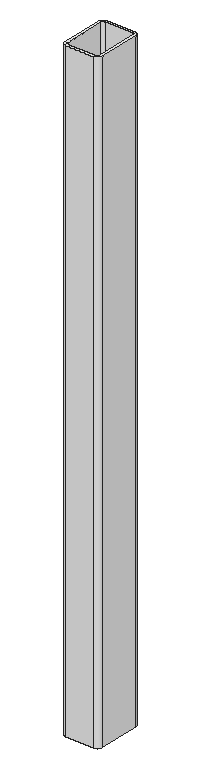
Revit family "M_HSS Retangular-Coluna", category Pilares estruturais, Revit 2019 (continued)
Types in the file's own list only (275): name | Largura | Espessura nominal da parede | Espessura da parede do projeto | Momento de inércia de torção | Módulo de torção | Chave do nome do corte | Área de corte | Eixo fraco do módulo plástico | Eixo forte do módulo plástico | Concordância externa | Peso nominal | Eixo fraco do momento de inércia | Eixo forte do momento de inércia | Concordância interna | Altura | Eixo fraco do módulo de elasticidade | Eixo forte do módulo de elasticidade | Centróide vertical | Centróide horizontal
  HSS203.2X152.4X12.7 | 152.00 mm | 12.70 mm | 11.80 mm | 52900000.00 mm4 | 10307463256.0 mm³ | HSS 8X6X1/2 | 7480.0 mm² | 408000.0 mm³ | 500000.0 mm³ | 25.40 mm | 62.40 kgf/m | 26000000.00 mm4 | 40900000.00 mm4 | 12.70 mm | 203.00 mm | 341000.0 mm³ | 403000.0 mm³ | 101.50 mm | 76.00 mm
  HSS203.2X152.4X7.9 | 152.00 mm | 7.94 mm | 7.39 mm | 35700000.00 mm4 | 6849792752.0 mm³ | HSS 8X6X5/16 | 4900.0 mm² | 277000.0 mm³ | 338000.0 mm³ | 15.88 mm | 41.00 kgf/m | 18200000.00 mm4 | 28400000.00 mm4 | 7.94 mm | 203.00 mm | 239000.0 mm³ | 280000.0 mm³ | 101.50 mm | 76.00 mm
  HSS203.2X152.4X6.4 | 152.00 mm | 6.35 mm | 5.92 mm | 29300000.00 mm4 | 5587988824.0 mm³ | HSS 8X6X1/4 | 3980.0 mm² | 228000.0 mm³ | 277000.0 mm³ | 12.70 mm | 33.30 kgf/m | 15200000.00 mm4 | 23600000.00 mm4 | 6.35 mm | 203.00 mm | 198000.0 mm³ | 233000.0 mm³ | 101.50 mm | 76.00 mm
  HSS203.2X152.4X4.8 | 152.00 mm | 4.76 mm | 4.42 mm | 22400000.00 mm4 | 4244249576.0 mm³ | HSS 8X6X3/16 | 3010.0 mm² | 175000.0 mm³ | 213000.0 mm³ | 9.52 mm | 25.40 kgf/m | 11700000.00 mm4 | 18200000.00 mm4 | 4.76 mm | 203.00 mm | 154000.0 mm³ | 179000.0 mm³ | 101.50 mm | 76.00 mm
  HSS203.2X101.6X15.9 | 102.00 mm | 15.90 mm | 14.80 mm | 29300000.00 mm4 | 7701920080.0 mm³ | HSS 8X4X5/8 | 7550.0 mm² | 272000.0 mm³ | 449000.0 mm³ | 31.80 mm | 62.60 kgf/m | 11100000.00 mm4 | 34100000.00 mm4 | 15.90 mm | 203.00 mm | 218000.0 mm³ | 336000.0 mm³ | 101.50 mm | 51.00 mm
  HSS203.2X101.6X12.7 | 102.00 mm | 12.70 mm | 11.80 mm | 25400000.00 mm4 | 6554825600.0 mm³ | HSS 8X4X1/2 | 6280.0 mm² | 234000.0 mm³ | 385000.0 mm³ | 25.40 mm | 52.20 kgf/m | 9820000.00 mm4 | 29900000.00 mm4 | 12.70 mm | 203.00 mm | 193000.0 mm³ | 293000.0 mm³ | 101.50 mm | 51.00 mm
  HSS203.2X101.6X9.5 | 102.00 mm | 9.53 mm | 8.86 mm | 20500000.00 mm4 | 5178312224.0 mm³ | HSS 8X4X3/8 | 4890.0 mm² | 188000.0 mm³ | 308000.0 mm³ | 19.06 mm | 40.80 kgf/m | 8160000.00 mm4 | 24400000.00 mm4 | 9.53 mm | 203.00 mm | 161000.0 mm³ | 241000.0 mm³ | 101.50 mm | 51.00 mm
  HSS203.2X101.6X7.9 | 102.00 mm | 7.94 mm | 7.39 mm | 17700000.00 mm4 | 4424507280.0 mm³ | HSS 8X4X5/16 | 4150.0 mm² | 162000.0 mm³ | 264000.0 mm³ | 15.88 mm | 34.70 kgf/m | 7160000.00 mm4 | 21200000.00 mm4 | 7.94 mm | 203.00 mm | 141000.0 mm³ | 210000.0 mm³ | 101.50 mm | 51.00 mm
  HSS203.2X101.6X6.4 | 102.00 mm | 6.35 mm | 5.92 mm | 14700000.00 mm4 | 3654315272.0 mm³ | HSS 8X4X1/4 | 3380.0 mm² | 134000.0 mm³ | 218000.0 mm³ | 12.70 mm | 28.30 kgf/m | 5990000.00 mm4 | 17700000.00 mm4 | 6.35 mm | 203.00 mm | 118000.0 mm³ | 174000.0 mm³ | 101.50 mm | 51.00 mm
  HSS203.2X101.6X4.8 | 102.00 mm | 4.76 mm | 4.42 mm | 11300000.00 mm4 | 2785800880.0 mm³ | HSS 8X4X3/16 | 2570.0 mm² | 104000.0 mm³ | 167000.0 mm³ | 9.52 mm | 21.60 kgf/m | 4700000.00 mm4 | 13800000.00 mm4 | 4.76 mm | 203.00 mm | 92600.0 mm³ | 136000.0 mm³ | 101.50 mm | 51.00 mm
  HSS203.2X101.6X3.2 | 102.00 mm | 3.18 mm | 2.95 mm | 7780000.00 mm4 | 1900899424.0 mm³ | HSS 8X4X1/8 | 1740.0 mm² | 71400.0 mm³ | 115000.0 mm³ | 6.36 mm | 14.70 kgf/m | 3290000.00 mm4 | 9530000.00 mm4 | 3.18 mm | 203.00 mm | 64700.0 mm³ | 93900.0 mm³ | 101.50 mm | 51.00 mm
  HSS203.2X76.2X12.7 | 76.20 mm | 12.70 mm | 11.80 mm | 14300000.00 mm4 | 4670313240.0 mm³ | HSS 8X3X1/2 | 5680.0 mm² | 158000.0 mm³ | 328000.0 mm³ | 25.40 mm | 47.20 kgf/m | 4870000.00 mm4 | 24400000.00 mm4 | 12.70 mm | 203.00 mm | 128000.0 mm³ | 239000.0 mm³ | 101.50 mm | 38.10 mm
  HSS203.2X76.2X9.5 | 76.20 mm | 9.53 mm | 8.86 mm | 11900000.00 mm4 | 3752637656.0 mm³ | HSS 8X3X3/8 | 4440.0 mm² | 129000.0 mm³ | 264000.0 mm³ | 19.06 mm | 37.00 kgf/m | 4160000.00 mm4 | 20200000.00 mm4 | 9.53 mm | 203.00 mm | 109000.0 mm³ | 198000.0 mm³ | 101.50 mm | 38.10 mm
  HSS203.2X76.2X7.9 | 76.20 mm | 7.94 mm | 7.39 mm | 10400000.00 mm4 | 3244638672.0 mm³ | HSS 8X3X5/16 | 3770.0 mm² | 112000.0 mm³ | 228000.0 mm³ | 15.88 mm | 31.50 kgf/m | 3670000.00 mm4 | 17600000.00 mm4 | 7.94 mm | 203.00 mm | 96200.0 mm³ | 174000.0 mm³ | 101.50 mm | 38.10 mm
  HSS203.2X76.2X6.4 | 76.20 mm | 6.35 mm | 5.92 mm | 8660000.00 mm4 | 2687478496.0 mm³ | HSS 8X3X1/4 | 3080.0 mm² | 93400.0 mm³ | 188000.0 mm³ | 12.70 mm | 25.70 kgf/m | 3120000.00 mm4 | 14800000.00 mm4 | 6.35 mm | 203.00 mm | 81800.0 mm³ | 146000.0 mm³ | 101.50 mm | 38.10 mm
  HSS203.2X76.2X4.8 | 76.20 mm | 4.76 mm | 4.42 mm | 6740000.00 mm4 | 2064770064.0 mm³ | HSS 8X3X3/16 | 2340.0 mm² | 72600.0 mm³ | 145000.0 mm³ | 9.52 mm | 19.70 kgf/m | 2470000.00 mm4 | 11600000.00 mm4 | 4.76 mm | 203.00 mm | 64900.0 mm³ | 114000.0 mm³ | 101.50 mm | 38.10 mm
  HSS203.2X76.2X3.2 | 76.20 mm | 3.18 mm | 2.95 mm | 4700000.00 mm4 | 1415842329.6 mm³ | HSS 8X3X1/8 | 1590.0 mm² | 50300.0 mm³ | 100000.0 mm³ | 6.36 mm | 13.40 kgf/m | 1750000.00 mm4 | 8030000.00 mm4 | 3.18 mm | 203.00 mm | 45900.0 mm³ | 79100.0 mm³ | 101.50 mm | 38.10 mm
  HSS203.2X50.8X9.5 | 50.80 mm | 9.53 mm | 8.86 mm | 5040000.00 mm4 | 2326963088.0 mm³ | HSS 8X2X3/8 | 3990.0 mm² | 75500.0 mm³ | 220000.0 mm³ | 19.06 mm | 33.20 kgf/m | 1550000.00 mm4 | 15900000.00 mm4 | 9.53 mm | 203.00 mm | 61100.0 mm³ | 157000.0 mm³ | 101.50 mm | 25.40 mm
  HSS203.2X50.8X7.9 | 50.80 mm | 7.94 mm | 7.39 mm | 4540000.00 mm4 | 2031995936.0 mm³ | HSS 8X2X5/16 | 3390.0 mm² | 66500.0 mm³ | 190000.0 mm³ | 15.88 mm | 28.40 kgf/m | 1410000.00 mm4 | 14000000.00 mm4 | 7.94 mm | 203.00 mm | 55400.0 mm³ | 138000.0 mm³ | 101.50 mm | 25.40 mm
  HSS203.2X50.8X6.4 | 50.80 mm | 6.35 mm | 5.92 mm | 3900000.00 mm4 | 1704254656.0 mm³ | HSS 8X2X1/4 | 2770.0 mm² | 56200.0 mm³ | 159000.0 mm³ | 12.70 mm | 23.20 kgf/m | 1220000.00 mm4 | 11900000.00 mm4 | 6.35 mm | 203.00 mm | 48200.0 mm³ | 117000.0 mm³ | 101.50 mm | 25.40 mm
  HSS203.2X50.8X4.8 | 50.80 mm | 4.76 mm | 4.42 mm | 3110000.00 mm4 | 1328990890.4 mm³ | HSS 8X2X3/16 | 2120.0 mm² | 44200.0 mm³ | 123000.0 mm³ | 9.52 mm | 17.80 kgf/m | 995000.00 mm4 | 9320000.00 mm4 | 4.76 mm | 203.00 mm | 39200.0 mm³ | 91900.0 mm³ | 101.50 mm | 25.40 mm
  HSS203.2X50.8X3.2 | 50.80 mm | 3.18 mm | 2.95 mm | 2210000.00 mm4 | 924230409.6 mm³ | HSS 8X2X1/8 | 1440.0 mm² | 31100.0 mm³ | 85000.0 mm³ | 6.36 mm | 12.10 kgf/m | 716000.00 mm4 | 6530000.00 mm4 | 3.18 mm | 203.00 mm | 28200.0 mm³ | 64400.0 mm³ | 101.50 mm | 25.40 mm
  HSS177.8X127X12.7 | 127.00 mm | 12.70 mm | 11.80 mm | 31600000.00 mm4 | 7308630544.0 mm³ | HSS 7X5X1/2 | 6280.0 mm² | 283000.0 mm³ | 359000.0 mm³ | 25.40 mm | 52.20 kgf/m | 14800000.00 mm4 | 25200000.00 mm4 | 12.70 mm | 178.00 mm | 233000.0 mm³ | 283000.0 mm³ | 89.00 mm | 63.50 mm
  HSS177.8X127X9.5 | 127.00 mm | 9.53 mm | 8.86 mm | 25200000.00 mm4 | 5751859464.0 mm³ | HSS 7X5X3/8 | 4890.0 mm² | 226000.0 mm³ | 287000.0 mm³ | 19.06 mm | 40.80 kgf/m | 12200000.00 mm4 | 20600000.00 mm4 | 9.53 mm | 178.00 mm | 192000.0 mm³ | 231000.0 mm³ | 89.00 mm | 63.50 mm
  HSS177.8X127X7.9 | 127.00 mm | 7.94 mm | 7.39 mm | 21700000.00 mm4 | 4916119200.0 mm³ | HSS 7X5X5/16 | 4150.0 mm² | 195000.0 mm³ | 246000.0 mm³ | 15.88 mm | 34.70 kgf/m | 10600000.00 mm4 | 17900000.00 mm4 | 7.94 mm | 178.00 mm | 167000.0 mm³ | 202000.0 mm³ | 89.00 mm | 63.50 mm
  HSS177.8X127X6.4 | 127.00 mm | 6.35 mm | 5.92 mm | 17900000.00 mm4 | 4031217744.0 mm³ | HSS 7X5X1/4 | 3380.0 mm² | 161000.0 mm³ | 203000.0 mm³ | 12.70 mm | 28.30 kgf/m | 8870000.00 mm4 | 14900000.00 mm4 | 6.35 mm | 178.00 mm | 140000.0 mm³ | 167000.0 mm³ | 89.00 mm | 63.50 mm
  HSS177.8X127X4.8 | 127.00 mm | 4.76 mm | 4.42 mm | 13700000.00 mm4 | 3064380968.0 mm³ | HSS 7X5X3/16 | 2570.0 mm² | 124000.0 mm³ | 156000.0 mm³ | 9.52 mm | 21.60 kgf/m | 6910000.00 mm4 | 11600000.00 mm4 | 4.76 mm | 178.00 mm | 109000.0 mm³ | 130000.0 mm³ | 89.00 mm | 63.50 mm
  HSS177.8X127X3.2 | 127.00 mm | 3.18 mm | 2.95 mm | 9370000.00 mm4 | 2097544192.0 mm³ | HSS 7X5X1/8 | 1740.0 mm² | 85200.0 mm³ | 107000.0 mm³ | 6.36 mm | 14.70 kgf/m | 4830000.00 mm4 | 8030000.00 mm4 | 3.18 mm | 178.00 mm | 75900.0 mm³ | 90500.0 mm³ | 89.00 mm | 63.50 mm
  HSS177.8X101.6X12.7 | 102.00 mm | 12.70 mm | 11.80 mm | 21000000.00 mm4 | 5669924144.0 mm³ | HSS 7X4X1/2 | 5680.0 mm² | 206000.0 mm³ | 308000.0 mm³ | 25.40 mm | 47.20 kgf/m | 8620000.00 mm4 | 21100000.00 mm4 | 12.70 mm | 178.00 mm | 170000.0 mm³ | 238000.0 mm³ | 89.00 mm | 51.00 mm
  HSS177.8X101.6X9.5 | 102.00 mm | 9.53 mm | 8.86 mm | 17100000.00 mm4 | 4506442600.0 mm³ | HSS 7X4X3/8 | 4440.0 mm² | 167000.0 mm³ | 247000.0 mm³ | 19.06 mm | 37.00 kgf/m | 7200000.00 mm4 | 17400000.00 mm4 | 9.53 mm | 178.00 mm | 141000.0 mm³ | 195000.0 mm³ | 89.00 mm | 51.00 mm
  HSS177.8X101.6X7.9 | 102.00 mm | 7.94 mm | 7.39 mm | 14700000.00 mm4 | 3867347104.0 mm³ | HSS 7X4X5/16 | 3770.0 mm² | 145000.0 mm³ | 215000.0 mm³ | 15.88 mm | 31.50 kgf/m | 6330000.00 mm4 | 15200000.00 mm4 | 7.94 mm | 178.00 mm | 124000.0 mm³ | 170000.0 mm³ | 89.00 mm | 51.00 mm
  HSS177.8X101.6X6.4 | 102.00 mm | 6.35 mm | 5.92 mm | 12200000.00 mm4 | 3162703352.0 mm³ | HSS 7X4X1/4 | 3080.0 mm² | 120000.0 mm³ | 177000.0 mm³ | 12.70 mm | 25.70 kgf/m | 5330000.00 mm4 | 12700000.00 mm4 | 6.35 mm | 178.00 mm | 105000.0 mm³ | 143000.0 mm³ | 89.00 mm | 51.00 mm
  HSS177.8X101.6X4.8 | 102.00 mm | 4.76 mm | 4.42 mm | 9450000.00 mm4 | 2441672536.0 mm³ | HSS 7X4X3/16 | 2340.0 mm² | 92900.0 mm³ | 137000.0 mm³ | 9.52 mm | 19.70 kgf/m | 4160000.00 mm4 | 9910000.00 mm4 | 4.76 mm | 178.00 mm | 82300.0 mm³ | 112000.0 mm³ | 89.00 mm | 51.00 mm
  HSS177.8X101.6X3.2 | 102.00 mm | 3.18 mm | 2.95 mm | 6490000.00 mm4 | 1671480528.0 mm³ | HSS 7X4X1/8 | 1590.0 mm² | 64100.0 mm³ | 93900.0 mm³ | 6.36 mm | 13.40 kgf/m | 2930000.00 mm4 | 6910000.00 mm4 | 3.18 mm | 178.00 mm | 57500.0 mm³ | 77500.0 mm³ | 89.00 mm | 51.00 mm
  HSS177.8X76.2X12.7 | 76.20 mm | 12.70 mm | 11.80 mm | 11900000.00 mm4 | 4031217744.0 mm³ | HSS 7X3X1/2 | 5080.0 mm² | 139000.0 mm³ | 259000.0 mm³ | 25.40 mm | 42.10 kgf/m | 4250000.00 mm4 | 16900000.00 mm4 | 12.70 mm | 178.00 mm | 111000.0 mm³ | 190000.0 mm³ | 89.00 mm | 38.10 mm
  HSS177.8X76.2X9.5 | 76.20 mm | 9.53 mm | 8.86 mm | 9950000.00 mm4 | 3244638672.0 mm³ | HSS 7X3X3/8 | 3990.0 mm² | 114000.0 mm³ | 210000.0 mm³ | 19.06 mm | 33.20 kgf/m | 3630000.00 mm4 | 14200000.00 mm4 | 9.53 mm | 178.00 mm | 95200.0 mm³ | 159000.0 mm³ | 89.00 mm | 38.10 mm
  HSS177.8X76.2X7.9 | 76.20 mm | 7.94 mm | 7.39 mm | 8700000.00 mm4 | 2818575008.0 mm³ | HSS 7X3X5/16 | 3390.0 mm² | 99100.0 mm³ | 182000.0 mm³ | 15.88 mm | 28.40 kgf/m | 3220000.00 mm4 | 12400000.00 mm4 | 7.94 mm | 178.00 mm | 84600.0 mm³ | 140000.0 mm³ | 89.00 mm | 38.10 mm
  HSS177.8X76.2X6.4 | 76.20 mm | 6.35 mm | 5.92 mm | 7280000.00 mm4 | 2326963088.0 mm³ | HSS 7X3X1/4 | 2770.0 mm² | 82900.0 mm³ | 151000.0 mm³ | 12.70 mm | 23.20 kgf/m | 2750000.00 mm4 | 10500000.00 mm4 | 6.35 mm | 178.00 mm | 72100.0 mm³ | 118000.0 mm³ | 89.00 mm | 38.10 mm
  HSS177.8X76.2X4.8 | 76.20 mm | 4.76 mm | 4.42 mm | 5700000.00 mm4 | 1802577040.0 mm³ | HSS 7X3X3/16 | 2120.0 mm² | 64600.0 mm³ | 117000.0 mm³ | 9.52 mm | 17.80 kgf/m | 2180000.00 mm4 | 8240000.00 mm4 | 4.76 mm | 178.00 mm | 57400.0 mm³ | 92600.0 mm³ | 89.00 mm | 38.10 mm
  HSS177.8X76.2X3.2 | 76.20 mm | 3.18 mm | 2.95 mm | 3950000.00 mm4 | 1235584625.6 mm³ | HSS 7X3X1/8 | 1440.0 mm² | 44700.0 mm³ | 80800.0 mm³ | 6.36 mm | 12.10 kgf/m | 1540000.00 mm4 | 5740000.00 mm4 | 3.18 mm | 178.00 mm | 40600.0 mm³ | 64700.0 mm³ | 89.00 mm | 38.10 mm
  HSS177.8X50.8X6.4 | 50.80 mm | 6.35 mm | 5.92 mm | 3310000.00 mm4 | 1483029292.0 mm³ | HSS 7X2X1/4 | 2480.0 mm² | 49500.0 mm³ | 125000.0 mm³ | 12.70 mm | 20.70 kgf/m | 1070000.00 mm4 | 8240000.00 mm4 | 6.35 mm | 178.00 mm | 42300.0 mm³ | 92900.0 mm³ | 89.00 mm | 25.40 mm
  HSS177.8X50.8X4.8 | 50.80 mm | 4.76 mm | 4.42 mm | 2640000.00 mm4 | 1160204131.2 mm³ | HSS 7X2X3/16 | 1890.0 mm² | 39200.0 mm³ | 97500.0 mm³ | 9.52 mm | 15.90 kgf/m | 874000.00 mm4 | 6530000.00 mm4 | 4.76 mm | 178.00 mm | 34400.0 mm³ | 73600.0 mm³ | 89.00 mm | 25.40 mm
  HSS177.8X50.8X3.2 | 50.80 mm | 3.18 mm | 2.95 mm | 1880000.00 mm4 | 806243548.8 mm³ | HSS 7X2X1/8 | 1290.0 mm² | 27500.0 mm³ | 67700.0 mm³ | 6.36 mm | 10.90 kgf/m | 633000.00 mm4 | 4620000.00 mm4 | 3.18 mm | 178.00 mm | 24900.0 mm³ | 51800.0 mm³ | 89.00 mm | 25.40 mm
  HSS152.4X127X12.7 | 127.00 mm | 12.70 mm | 11.80 mm | 24900000.00 mm4 | 6177923128.0 mm³ | HSS 6X5X1/2 | 5680.0 mm² | 249000.0 mm³ | 282000.0 mm³ | 25.40 mm | 47.20 kgf/m | 12800000.00 mm4 | 17100000.00 mm4 | 12.70 mm | 152.00 mm | 202000.0 mm³ | 225000.0 mm³ | 76.00 mm | 63.50 mm
  HSS152.4X127X9.5 | 127.00 mm | 9.53 mm | 8.86 mm | 20000000.00 mm4 | 4883345072.0 mm³ | HSS 6X5X3/8 | 4440.0 mm² | 200000.0 mm³ | 226000.0 mm³ | 19.06 mm | 37.00 kgf/m | 10600000.00 mm4 | 14100000.00 mm4 | 9.53 mm | 152.00 mm | 167000.0 mm³ | 185000.0 mm³ | 76.00 mm | 63.50 mm
  HSS152.4X127X7.9 | 127.00 mm | 7.94 mm | 7.39 mm | 17200000.00 mm4 | 4195088384.0 mm³ | HSS 6X5X5/16 | 3770.0 mm² | 172000.0 mm³ | 195000.0 mm³ | 15.88 mm | 31.50 kgf/m | 9280000.00 mm4 | 12300000.00 mm4 | 7.94 mm | 152.00 mm | 146000.0 mm³ | 161000.0 mm³ | 76.00 mm | 63.50 mm
  HSS152.4X127X6.4 | 127.00 mm | 6.35 mm | 5.92 mm | 14200000.00 mm4 | 3441283440.0 mm³ | HSS 6X5X1/4 | 3080.0 mm² | 143000.0 mm³ | 162000.0 mm³ | 12.70 mm | 25.70 kgf/m | 7780000.00 mm4 | 10300000.00 mm4 | 6.35 mm | 152.00 mm | 122000.0 mm³ | 135000.0 mm³ | 76.00 mm | 63.50 mm
  HSS152.4X127X4.8 | 127.00 mm | 4.76 mm | 4.42 mm | 10900000.00 mm4 | 2621930240.0 mm³ | HSS 6X5X3/16 | 2340.0 mm² | 110000.0 mm³ | 125000.0 mm³ | 9.52 mm | 19.70 kgf/m | 6080000.00 mm4 | 8030000.00 mm4 | 4.76 mm | 152.00 mm | 95700.0 mm³ | 106000.0 mm³ | 76.00 mm | 63.50 mm
  HSS152.4X127X3.2 | 127.00 mm | 3.18 mm | 2.95 mm | 7490000.00 mm4 | 1786189976.0 mm³ | HSS 6X5X1/8 | 1590.0 mm² | 75900.0 mm³ | 85900.0 mm³ | 6.36 mm | 13.40 kgf/m | 4250000.00 mm4 | 5580000.00 mm4 | 3.18 mm | 152.00 mm | 66700.0 mm³ | 73400.0 mm³ | 76.00 mm | 63.50 mm
  HSS152.4X101.6X12.7 | 102.00 mm | 12.70 mm | 11.80 mm | 16800000.00 mm4 | 4785022688.0 mm³ | HSS 6X4X1/2 | 5080.0 mm² | 180000.0 mm³ | 239000.0 mm³ | 25.40 mm | 42.10 kgf/m | 7410000.00 mm4 | 14200000.00 mm4 | 12.70 mm | 152.00 mm | 146000.0 mm³ | 185000.0 mm³ | 76.00 mm | 51.00 mm
  HSS152.4X101.6X9.5 | 102.00 mm | 9.53 mm | 8.86 mm | 13700000.00 mm4 | 3818185912.0 mm³ | HSS 6X4X3/8 | 3990.0 mm² | 147000.0 mm³ | 195000.0 mm³ | 19.06 mm | 33.20 kgf/m | 6200000.00 mm4 | 11800000.00 mm4 | 9.53 mm | 152.00 mm | 122000.0 mm³ | 155000.0 mm³ | 76.00 mm | 51.00 mm
  HSS152.4X101.6X7.9 | 102.00 mm | 7.94 mm | 7.39 mm | 11800000.00 mm4 | 3277412800.0 mm³ | HSS 6X4X5/16 | 3390.0 mm² | 127000.0 mm³ | 169000.0 mm³ | 15.88 mm | 28.40 kgf/m | 5490000.00 mm4 | 10300000.00 mm4 | 7.94 mm | 152.00 mm | 108000.0 mm³ | 136000.0 mm³ | 76.00 mm | 51.00 mm
  HSS152.4X101.6X6.4 | 102.00 mm | 6.35 mm | 5.92 mm | 9820000.00 mm4 | 2720252624.0 mm³ | HSS 6X4X1/4 | 2770.0 mm² | 106000.0 mm³ | 140000.0 mm³ | 12.70 mm | 23.20 kgf/m | 4620000.00 mm4 | 8700000.00 mm4 | 6.35 mm | 152.00 mm | 91100.0 mm³ | 114000.0 mm³ | 76.00 mm | 51.00 mm
  HSS152.4X101.6X4.8 | 102.00 mm | 4.76 mm | 4.42 mm | 7580000.00 mm4 | 2081157128.0 mm³ | HSS 6X4X3/16 | 2120.0 mm² | 81900.0 mm³ | 108000.0 mm³ | 9.52 mm | 17.80 kgf/m | 3650000.00 mm4 | 6830000.00 mm4 | 4.76 mm | 152.00 mm | 71800.0 mm³ | 89500.0 mm³ | 76.00 mm | 51.00 mm
  HSS152.4X101.6X3.2 | 102.00 mm | 3.18 mm | 2.95 mm | 5240000.00 mm4 | 1424035861.6 mm³ | HSS 6X4X1/8 | 1440.0 mm² | 56700.0 mm³ | 74700.0 mm³ | 6.36 mm | 12.10 kgf/m | 2560000.00 mm4 | 4750000.00 mm4 | 3.18 mm | 152.00 mm | 50500.0 mm³ | 62400.0 mm³ | 76.00 mm | 51.00 mm
  HSS152.4X76.2X12.7 | 76.20 mm | 12.70 mm | 11.80 mm | 9610000.00 mm4 | 3408509312.0 mm³ | HSS 6X3X1/2 | 4480.0 mm² | 119000.0 mm³ | 198000.0 mm³ | 25.40 mm | 37.10 kgf/m | 3620000.00 mm4 | 11200000.00 mm4 | 12.70 mm | 152.00 mm | 94900.0 mm³ | 147000.0 mm³ | 76.00 mm | 38.10 mm
  HSS152.4X76.2X9.5 | 76.20 mm | 9.53 mm | 8.86 mm | 8030000.00 mm4 | 2769413816.0 mm³ | HSS 6X3X3/8 | 3540.0 mm² | 98800.0 mm³ | 162000.0 mm³ | 19.06 mm | 29.40 kgf/m | 3110000.00 mm4 | 9450000.00 mm4 | 9.53 mm | 152.00 mm | 81800.0 mm³ | 124000.0 mm³ | 76.00 mm | 38.10 mm
  HSS152.4X76.2X7.9 | 76.20 mm | 7.94 mm | 7.39 mm | 7030000.00 mm4 | 2392511344.0 mm³ | HSS 6X3X5/16 | 3020.0 mm² | 86400.0 mm³ | 141000.0 mm³ | 15.88 mm | 25.20 kgf/m | 2780000.00 mm4 | 8370000.00 mm4 | 7.94 mm | 152.00 mm | 72900.0 mm³ | 110000.0 mm³ | 76.00 mm | 38.10 mm
  HSS152.4X76.2X6.4 | 76.20 mm | 6.35 mm | 5.92 mm | 5910000.00 mm4 | 1982834744.0 mm³ | HSS 6X3X1/4 | 2480.0 mm² | 72300.0 mm³ | 118000.0 mm³ | 12.70 mm | 20.70 kgf/m | 2370000.00 mm4 | 7080000.00 mm4 | 6.35 mm | 152.00 mm | 62300.0 mm³ | 92800.0 mm³ | 76.00 mm | 38.10 mm
  HSS152.4X76.2X4.8 | 76.20 mm | 4.76 mm | 4.42 mm | 4620000.00 mm4 | 1533829190.4 mm³ | HSS 6X3X3/16 | 1890.0 mm² | 56500.0 mm³ | 91600.0 mm³ | 9.52 mm | 15.90 kgf/m | 1890000.00 mm4 | 5580000.00 mm4 | 4.76 mm | 152.00 mm | 49700.0 mm³ | 73300.0 mm³ | 76.00 mm | 38.10 mm
  HSS152.4X76.2X3.2 | 76.20 mm | 3.18 mm | 2.95 mm | 3220000.00 mm4 | 1055326921.6 mm³ | HSS 6X3X1/8 | 1290.0 mm² | 39300.0 mm³ | 63400.0 mm³ | 6.36 mm | 10.90 kgf/m | 1340000.00 mm4 | 3930000.00 mm4 | 3.18 mm | 152.00 mm | 35200.0 mm³ | 51500.0 mm³ | 76.00 mm | 38.10 mm
  HSS152.4X50.8X9.5 | 50.80 mm | 9.53 mm | 8.86 mm | 3500000.00 mm4 | 1704254656.0 mm³ | HSS 6X2X3/8 | 3080.0 mm² | 56700.0 mm³ | 130000.0 mm³ | 19.06 mm | 25.60 kgf/m | 1150000.00 mm4 | 7120000.00 mm4 | 9.53 mm | 152.00 mm | 45400.0 mm³ | 93600.0 mm³ | 76.00 mm | 25.40 mm
  HSS152.4X50.8X7.9 | 50.80 mm | 7.94 mm | 7.39 mm | 3160000.00 mm4 | 1497777649.6 mm³ | HSS 6X2X5/16 | 2650.0 mm² | 50300.0 mm³ | 114000.0 mm³ | 15.88 mm | 22.00 kgf/m | 1050000.00 mm4 | 6370000.00 mm4 | 7.94 mm | 152.00 mm | 41300.0 mm³ | 83700.0 mm³ | 76.00 mm | 25.40 mm
  HSS152.4X50.8X6.4 | 50.80 mm | 6.35 mm | 5.92 mm | 2730000.00 mm4 | 1261803928.0 mm³ | HSS 6X2X1/4 | 2170.0 mm² | 42800.0 mm³ | 95700.0 mm³ | 12.70 mm | 18.10 kgf/m | 920000.00 mm4 | 5450000.00 mm4 | 6.35 mm | 152.00 mm | 36200.0 mm³ | 71600.0 mm³ | 76.00 mm | 25.40 mm
  HSS152.4X50.8X4.8 | 50.80 mm | 4.76 mm | 4.42 mm | 2180000.00 mm4 | 988139959.2 mm³ | HSS 6X2X3/16 | 1660.0 mm² | 33900.0 mm³ | 75100.0 mm³ | 9.52 mm | 14.00 kgf/m | 749000.00 mm4 | 4370000.00 mm4 | 4.76 mm | 152.00 mm | 29500.0 mm³ | 57200.0 mm³ | 76.00 mm | 25.40 mm
  HSS152.4X50.8X3.2 | 50.80 mm | 3.18 mm | 2.95 mm | 1550000.00 mm4 | 689895394.4 mm³ | HSS 6X2X1/8 | 1140.0 mm² | 23900.0 mm³ | 52300.0 mm³ | 6.36 mm | 9.59 kgf/m | 545000.00 mm4 | 3090000.00 mm4 | 3.18 mm | 152.00 mm | 21500.0 mm³ | 40500.0 mm³ | 76.00 mm | 25.40 mm
  HSS127X101.6X12.7 | 102.00 mm | 12.70 mm | 11.80 mm | 12600000.00 mm4 | 3900121232.0 mm³ | HSS 5X4X1/2 | 4480.0 mm² | 153000.0 mm³ | 179000.0 mm³ | 25.40 mm | 37.10 kgf/m | 6200000.00 mm4 | 8820000.00 mm4 | 12.70 mm | 127.00 mm | 122000.0 mm³ | 139000.0 mm³ | 63.50 mm | 51.00 mm
  HSS127X101.6X9.5 | 102.00 mm | 9.53 mm | 8.86 mm | 10400000.00 mm4 | 3146316288.0 mm³ | HSS 5X4X3/8 | 3540.0 mm² | 126000.0 mm³ | 147000.0 mm³ | 19.06 mm | 29.40 kgf/m | 5240000.00 mm4 | 7450000.00 mm4 | 9.53 mm | 127.00 mm | 103000.0 mm³ | 117000.0 mm³ | 63.50 mm | 51.00 mm
  HSS127X101.6X7.9 | 102.00 mm | 7.94 mm | 7.39 mm | 9030000.00 mm4 | 2720252624.0 mm³ | HSS 5X4X5/16 | 3020.0 mm² | 109000.0 mm³ | 128000.0 mm³ | 15.88 mm | 25.20 kgf/m | 4620000.00 mm4 | 6580000.00 mm4 | 7.94 mm | 127.00 mm | 91300.0 mm³ | 104000.0 mm³ | 63.50 mm | 51.00 mm
  HSS127X101.6X6.4 | 102.00 mm | 6.35 mm | 5.92 mm | 7490000.00 mm4 | 2228640704.0 mm³ | HSS 5X4X1/4 | 2480.0 mm² | 91300.0 mm³ | 106000.0 mm³ | 12.70 mm | 20.70 kgf/m | 3940000.00 mm4 | 5580000.00 mm4 | 6.35 mm | 127.00 mm | 77500.0 mm³ | 87700.0 mm³ | 63.50 mm | 51.00 mm
  HSS127X101.6X4.8 | 102.00 mm | 4.76 mm | 4.42 mm | 5830000.00 mm4 | 1720641720.0 mm³ | HSS 5X4X3/16 | 1890.0 mm² | 71100.0 mm³ | 82800.0 mm³ | 9.52 mm | 15.90 kgf/m | 3110000.00 mm4 | 4410000.00 mm4 | 4.76 mm | 127.00 mm | 61300.0 mm³ | 69200.0 mm³ | 63.50 mm | 51.00 mm
  HSS127X101.6X3.2 | 102.00 mm | 3.18 mm | 2.95 mm | 4020000.00 mm4 | 1178229901.6 mm³ | HSS 5X4X1/8 | 1290.0 mm² | 49300.0 mm³ | 57400.0 mm³ | 6.36 mm | 10.90 kgf/m | 2190000.00 mm4 | 3090000.00 mm4 | 3.18 mm | 127.00 mm | 43300.0 mm³ | 48700.0 mm³ | 63.50 mm | 51.00 mm
  HSS127X76.2X12.7 | 76.20 mm | 12.70 mm | 11.80 mm | 7330000.00 mm4 | 2769413816.0 mm³ | HSS 5X3X1/2 | 3880.0 mm² | 100000.0 mm³ | 145000.0 mm³ | 25.40 mm | 32.00 kgf/m | 2990000.00 mm4 | 6830000.00 mm4 | 12.70 mm | 127.00 mm | 78300.0 mm³ | 108000.0 mm³ | 63.50 mm | 38.10 mm
  HSS127X76.2X9.5 | 76.20 mm | 9.53 mm | 8.86 mm | 6200000.00 mm4 | 2261414832.0 mm³ | HSS 5X3X3/8 | 3080.0 mm² | 83600.0 mm³ | 120000.0 mm³ | 19.06 mm | 25.60 kgf/m | 2600000.00 mm4 | 5870000.00 mm4 | 9.53 mm | 127.00 mm | 68200.0 mm³ | 92600.0 mm³ | 63.50 mm | 38.10 mm
  HSS127X76.2X7.9 | 76.20 mm | 7.94 mm | 7.39 mm | 5450000.00 mm4 | 1966447680.0 mm³ | HSS 5X3X5/16 | 2650.0 mm² | 73400.0 mm³ | 105000.0 mm³ | 15.88 mm | 22.00 kgf/m | 2330000.00 mm4 | 5240000.00 mm4 | 7.94 mm | 127.00 mm | 61100.0 mm³ | 82400.0 mm³ | 63.50 mm | 38.10 mm
  HSS127X76.2X6.4 | 76.20 mm | 6.35 mm | 5.92 mm | 4580000.00 mm4 | 1638706400.0 mm³ | HSS 5X3X1/4 | 2170.0 mm² | 61800.0 mm³ | 88200.0 mm³ | 12.70 mm | 18.10 kgf/m | 2000000.00 mm4 | 4450000.00 mm4 | 6.35 mm | 127.00 mm | 52600.0 mm³ | 70300.0 mm³ | 63.50 mm | 38.10 mm
  HSS127X76.2X4.8 | 76.20 mm | 4.76 mm | 4.42 mm | 3600000.00 mm4 | 1269997460.0 mm³ | HSS 5X3X3/16 | 1660.0 mm² | 48500.0 mm³ | 69000.0 mm³ | 9.52 mm | 14.00 kgf/m | 1600000.00 mm4 | 3550000.00 mm4 | 4.76 mm | 127.00 mm | 42100.0 mm³ | 55900.0 mm³ | 63.50 mm | 38.10 mm
  HSS127X76.2X3.2 | 76.20 mm | 3.18 mm | 2.95 mm | 2510000.00 mm4 | 875069217.6 mm³ | HSS 5X3X1/8 | 1140.0 mm² | 33900.0 mm³ | 48000.0 mm³ | 6.36 mm | 9.59 kgf/m | 1140000.00 mm4 | 2510000.00 mm4 | 3.18 mm | 127.00 mm | 30000.0 mm³ | 39500.0 mm³ | 63.50 mm | 38.10 mm
  HSS127X63.5X6.4 | 63.50 mm | 6.35 mm | 5.92 mm | 3300000.00 mm4 | 1340461835.2 mm³ | HSS 5X2 1/2X1/4 | 2030.0 mm² | 48300.0 mm³ | 79100.0 mm³ | 12.70 mm | 16.90 kgf/m | 1300000.00 mm4 | 3910000.00 mm4 | 6.35 mm | 127.00 mm | 41000.0 mm³ | 61600.0 mm³ | 63.50 mm | 31.75 mm
  HSS127X63.5X4.8 | 63.50 mm | 4.76 mm | 4.42 mm | 2610000.00 mm4 | 1043855976.8 mm³ | HSS 5X2 1/2X3/16 | 1550.0 mm² | 38200.0 mm³ | 62100.0 mm³ | 9.52 mm | 13.10 kgf/m | 1050000.00 mm4 | 3130000.00 mm4 | 4.76 mm | 127.00 mm | 33300.0 mm³ | 49300.0 mm³ | 63.50 mm | 31.75 mm
  HSS127X63.5X3.2 | 63.50 mm | 3.18 mm | 2.95 mm | 1830000.00 mm4 | 724308228.8 mm³ | HSS 5X2 1/2X1/8 | 1060.0 mm² | 26900.0 mm³ | 43400.0 mm³ | 6.36 mm | 8.96 kgf/m | 758000.00 mm4 | 2220000.00 mm4 | 3.18 mm | 127.00 mm | 23900.0 mm³ | 35100.0 mm³ | 63.50 mm | 31.75 mm
  HSS127X50.8X9.5 | 50.80 mm | 9.53 mm | 8.86 mm | 2750000.00 mm4 | 1396177852.8 mm³ | HSS 5X2X3/8 | 2640.0 mm² | 47200.0 mm³ | 93600.0 mm³ | 19.06 mm | 21.80 kgf/m | 949000.00 mm4 | 4330000.00 mm4 | 9.53 mm | 127.00 mm | 37400.0 mm³ | 67800.0 mm³ | 63.50 mm | 25.40 mm
  HSS127X50.8X7.9 | 50.80 mm | 7.94 mm | 7.39 mm | 2490000.00 mm4 | 1232307212.8 mm³ | HSS 5X2X5/16 | 2270.0 mm² | 42100.0 mm³ | 82800.0 mm³ | 15.88 mm | 18.80 kgf/m | 874000.00 mm4 | 3890000.00 mm4 | 7.94 mm | 127.00 mm | 34400.0 mm³ | 61300.0 mm³ | 63.50 mm | 25.40 mm
  HSS127X50.8X6.4 | 50.80 mm | 6.35 mm | 5.92 mm | 2150000.00 mm4 | 1042217270.4 mm³ | HSS 5X2X1/4 | 1880.0 mm² | 36100.0 mm³ | 70000.0 mm³ | 12.70 mm | 15.60 kgf/m | 766000.00 mm4 | 3360000.00 mm4 | 6.35 mm | 127.00 mm | 30200.0 mm³ | 52900.0 mm³ | 63.50 mm | 25.40 mm
  HSS127X50.8X4.8 | 50.80 mm | 4.76 mm | 4.42 mm | 1730000.00 mm4 | 819353200.0 mm³ | HSS 5X2X3/16 | 1450.0 mm² | 28700.0 mm³ | 55200.0 mm³ | 9.52 mm | 12.10 kgf/m | 629000.00 mm4 | 2710000.00 mm4 | 4.76 mm | 127.00 mm | 24700.0 mm³ | 42600.0 mm³ | 63.50 mm | 25.40 mm
  HSS127X50.8X3.2 | 50.80 mm | 3.18 mm | 2.95 mm | 1230000.00 mm4 | 571908533.6 mm³ | HSS 5X2X1/8 | 994.0 mm² | 20300.0 mm³ | 38800.0 mm³ | 6.36 mm | 8.33 kgf/m | 458000.00 mm4 | 1940000.00 mm4 | 3.18 mm | 127.00 mm | 18000.0 mm³ | 30500.0 mm³ | 63.50 mm | 25.40 mm
  HSS101.6X76.2X9.5 | 76.20 mm | 9.53 mm | 8.86 mm | 4410000.00 mm4 | 1769802912.0 mm³ | HSS 4X3X3/8 | 2640.0 mm² | 68500.0 mm³ | 83900.0 mm³ | 19.06 mm | 21.80 kgf/m | 2090000.00 mm4 | 3300000.00 mm4 | 9.53 mm | 102.00 mm | 54700.0 mm³ | 65100.0 mm³ | 51.00 mm | 38.10 mm
  HSS101.6X76.2X7.9 | 76.20 mm | 7.94 mm | 7.39 mm | 3920000.00 mm4 | 1543661428.8 mm³ | HSS 4X3X5/16 | 2270.0 mm² | 60500.0 mm³ | 73900.0 mm³ | 15.88 mm | 18.80 kgf/m | 1880000.00 mm4 | 2970000.00 mm4 | 7.94 mm | 102.00 mm | 49500.0 mm³ | 58500.0 mm³ | 51.00 mm | 38.10 mm
  HSS101.6X76.2X6.4 | 76.20 mm | 6.35 mm | 5.92 mm | 3310000.00 mm4 | 1291300643.2 mm³ | HSS 4X3X1/4 | 1880.0 mm² | 51100.0 mm³ | 62400.0 mm³ | 12.70 mm | 15.60 kgf/m | 1630000.00 mm4 | 2560000.00 mm4 | 6.35 mm | 102.00 mm | 42800.0 mm³ | 50300.0 mm³ | 51.00 mm | 38.10 mm
  HSS101.6X76.2X4.8 | 76.20 mm | 4.76 mm | 4.42 mm | 2610000.00 mm4 | 1004527023.2 mm³ | HSS 4X3X3/16 | 1450.0 mm² | 40300.0 mm³ | 49200.0 mm³ | 9.52 mm | 12.10 kgf/m | 1320000.00 mm4 | 2050000.00 mm4 | 4.76 mm | 102.00 mm | 34400.0 mm³ | 40500.0 mm³ | 51.00 mm | 38.10 mm
  HSS101.6X76.2X3.2 | 76.20 mm | 3.18 mm | 2.95 mm | 1820000.00 mm4 | 694811513.6 mm³ | HSS 4X3X1/8 | 994.0 mm² | 28300.0 mm³ | 34600.0 mm³ | 6.36 mm | 8.33 kgf/m | 945000.00 mm4 | 1470000.00 mm4 | 3.18 mm | 102.00 mm | 24700.0 mm³ | 28800.0 mm³ | 51.00 mm | 38.10 mm
  HSS101.6X63.5X9.5 | 63.50 mm | 9.53 mm | 8.86 mm | 3150000.00 mm4 | 1428951980.8 mm³ | HSS 4X2 1/2X3/8 | 2410.0 mm² | 52400.0 mm³ | 73400.0 mm³ | 19.06 mm | 19.90 kgf/m | 1320000.00 mm4 | 2820000.00 mm4 | 9.53 mm | 102.00 mm | 41600.0 mm³ | 55400.0 mm³ | 51.00 mm | 31.75 mm
  HSS101.6X63.5X7.9 | 63.50 mm | 7.94 mm | 7.39 mm | 2820000.00 mm4 | 1253610396.0 mm³ | HSS 4X2 1/2X5/16 | 2080.0 mm² | 46700.0 mm³ | 65100.0 mm³ | 15.88 mm | 17.30 kgf/m | 1200000.00 mm4 | 2550000.00 mm4 | 7.94 mm | 102.00 mm | 38000.0 mm³ | 50300.0 mm³ | 51.00 mm | 31.75 mm
  HSS101.6X63.5X6.4 | 63.50 mm | 6.35 mm | 5.92 mm | 2410000.00 mm4 | 1055326921.6 mm³ | HSS 4X2 1/2X1/4 | 1720.0 mm² | 39800.0 mm³ | 55400.0 mm³ | 12.70 mm | 14.30 kgf/m | 1050000.00 mm4 | 2210000.00 mm4 | 6.35 mm | 102.00 mm | 33100.0 mm³ | 43600.0 mm³ | 51.00 mm | 31.75 mm
  HSS101.6X63.5X4.8 | 63.50 mm | 4.76 mm | 4.42 mm | 1910000.00 mm4 | 827546732.0 mm³ | HSS 4X2 1/2X3/16 | 1330.0 mm² | 31600.0 mm³ | 43800.0 mm³ | 9.52 mm | 11.20 kgf/m | 857000.00 mm4 | 1790000.00 mm4 | 4.76 mm | 102.00 mm | 27000.0 mm³ | 35200.0 mm³ | 51.00 mm | 31.75 mm
  HSS101.6X63.5X3.2 | 63.50 mm | 3.18 mm | 2.95 mm | 1340000.00 mm4 | 575185946.4 mm³ | HSS 4X2 1/2X1/8 | 916.0 mm² | 22300.0 mm³ | 30800.0 mm³ | 6.36 mm | 7.70 kgf/m | 620000.00 mm4 | 1290000.00 mm4 | 3.18 mm | 102.00 mm | 19500.0 mm³ | 25200.0 mm³ | 51.00 mm | 31.75 mm
  HSS101.6X50.8X9.5 | 50.80 mm | 9.53 mm | 8.86 mm | 2010000.00 mm4 | 1084823636.8 mm³ | HSS 4X2X3/8 | 2190.0 mm² | 37900.0 mm³ | 62900.0 mm³ | 19.06 mm | 18.00 kgf/m | 749000.00 mm4 | 2330000.00 mm4 | 9.53 mm | 102.00 mm | 29500.0 mm³ | 45900.0 mm³ | 51.00 mm | 25.40 mm
  HSS101.6X50.8X7.9 | 50.80 mm | 7.94 mm | 7.39 mm | 1830000.00 mm4 | 963559363.2 mm³ | HSS 4X2X5/16 | 1900.0 mm² | 34100.0 mm³ | 56200.0 mm³ | 15.88 mm | 15.70 kgf/m | 695000.00 mm4 | 2140000.00 mm4 | 7.94 mm | 102.00 mm | 27400.0 mm³ | 42000.0 mm³ | 51.00 mm | 25.40 mm
  HSS101.6X50.8X6.4 | 50.80 mm | 6.35 mm | 5.92 mm | 1590000.00 mm4 | 819353200.0 mm³ | HSS 4X2X1/4 | 1570.0 mm² | 29300.0 mm³ | 48200.0 mm³ | 12.70 mm | 13.10 kgf/m | 616000.00 mm4 | 1870000.00 mm4 | 6.35 mm | 102.00 mm | 24300.0 mm³ | 36900.0 mm³ | 51.00 mm | 25.40 mm
  HSS101.6X50.8X4.8 | 50.80 mm | 4.76 mm | 4.42 mm | 1280000.00 mm4 | 647289028.0 mm³ | HSS 4X2X3/16 | 1220.0 mm² | 23400.0 mm³ | 38300.0 mm³ | 9.52 mm | 10.20 kgf/m | 508000.00 mm4 | 1520000.00 mm4 | 4.76 mm | 102.00 mm | 20000.0 mm³ | 30000.0 mm³ | 51.00 mm | 25.40 mm
  HSS101.6X50.8X3.2 | 50.80 mm | 3.18 mm | 2.95 mm | 916000.00 mm4 | 453921672.8 mm³ | HSS 4X2X1/8 | 839.0 mm² | 16700.0 mm³ | 27200.0 mm³ | 6.36 mm | 7.06 kgf/m | 374000.00 mm4 | 1100000.00 mm4 | 3.18 mm | 102.00 mm | 14700.0 mm³ | 21600.0 mm³ | 51.00 mm | 25.40 mm
  HSS88.9X63.5X9.5 | 63.50 mm | 9.53 mm | 8.86 mm | 2560000.00 mm4 | 1225752387.2 mm³ | HSS 3 1/2X2 1/2X3/8 | 2190.0 mm² | 46300.0 mm³ | 58800.0 mm³ | 19.06 mm | 18.00 kgf/m | 1150000.00 mm4 | 1980000.00 mm4 | 9.53 mm | 88.90 mm | 36300.0 mm³ | 44500.0 mm³ | 44.45 mm | 31.75 mm
  HSS88.9X63.5X7.9 | 63.50 mm | 7.94 mm | 7.39 mm | 2300000.00 mm4 | 1081546224.0 mm³ | HSS 3 1/2X2 1/2X5/16 | 1900.0 mm² | 41400.0 mm³ | 52500.0 mm³ | 15.88 mm | 15.60 kgf/m | 1060000.00 mm4 | 1810000.00 mm4 | 7.94 mm | 88.90 mm | 33300.0 mm³ | 40700.0 mm³ | 44.45 mm | 31.75 mm
  HSS88.9X63.5X6.4 | 63.50 mm | 6.35 mm | 5.92 mm | 1980000.00 mm4 | 914398171.2 mm³ | HSS 3 1/2X2 1/2X1/4 | 1570.0 mm² | 35400.0 mm³ | 44800.0 mm³ | 12.70 mm | 13.10 kgf/m | 928000.00 mm4 | 1580000.00 mm4 | 6.35 mm | 88.90 mm | 29200.0 mm³ | 35500.0 mm³ | 44.45 mm | 31.75 mm
  HSS88.9X63.5X4.8 | 63.50 mm | 4.76 mm | 4.42 mm | 1570000.00 mm4 | 717753403.2 mm³ | HSS 3 1/2X2 1/2X3/16 | 1220.0 mm² | 28300.0 mm³ | 35700.0 mm³ | 9.52 mm | 10.20 kgf/m | 760000.00 mm4 | 1290000.00 mm4 | 4.76 mm | 88.90 mm | 23900.0 mm³ | 28900.0 mm³ | 44.45 mm | 31.75 mm
  HSS88.9X63.5X3.2 | 63.50 mm | 3.18 mm | 2.95 mm | 1110000.00 mm4 | 501444158.4 mm³ | HSS 3 1/2X2 1/2X1/8 | 839.0 mm² | 20100.0 mm³ | 25300.0 mm³ | 6.35 mm | 7.07 kgf/m | 553000.00 mm4 | 929000.00 mm4 | 3.18 mm | 88.90 mm | 17400.0 mm³ | 20900.0 mm³ | 44.45 mm | 31.75 mm
  HSS88.9X50.8X6.4 | 50.80 mm | 6.35 mm | 5.92 mm | 1320000.00 mm4 | 709559871.2 mm³ | HSS 3 1/2X2X1/4 | 1430.0 mm² | 25900.0 mm³ | 38700.0 mm³ | 12.70 mm | 11.80 kgf/m | 541000.00 mm4 | 1320000.00 mm4 | 6.35 mm | 88.90 mm | 21300.0 mm³ | 29700.0 mm³ | 44.45 mm | 25.40 mm
  HSS88.9X50.8X4.8 | 50.80 mm | 4.76 mm | 4.42 mm | 1060000.00 mm4 | 560437588.8 mm³ | HSS 3 1/2X2X3/16 | 1100.0 mm² | 20800.0 mm³ | 31000.0 mm³ | 9.52 mm | 9.27 kgf/m | 450000.00 mm4 | 1090000.00 mm4 | 4.76 mm | 88.90 mm | 17700.0 mm³ | 24400.0 mm³ | 44.45 mm | 25.40 mm
  HSS88.9X50.8X3.2 | 50.80 mm | 3.18 mm | 2.95 mm | 762000.00 mm4 | 394928242.4 mm³ | HSS 3 1/2X2X1/8 | 768.0 mm² | 14900.0 mm³ | 22000.0 mm³ | 6.36 mm | 6.43 kgf/m | 331000.00 mm4 | 791000.00 mm4 | 3.18 mm | 88.90 mm | 13000.0 mm³ | 17900.0 mm³ | 44.45 mm | 25.40 mm
  HSS88.9X38.1X6.4 | 38.10 mm | 6.35 mm | 5.92 mm | 745000.00 mm4 | 504721571.2 mm³ | HSS 3 1/2X1 1/2X1/4 | 1270.0 mm² | 17400.0 mm³ | 32400.0 mm³ | 12.70 mm | 10.50 kgf/m | 266000.00 mm4 | 1060000.00 mm4 | 6.35 mm | 88.90 mm | 13900.0 mm³ | 23900.0 mm³ | 44.45 mm | 19.05 mm
  HSS88.9X38.1X4.8 | 38.10 mm | 4.76 mm | 4.42 mm | 620000.00 mm4 | 404760480.8 mm³ | HSS 3 1/2X1 1/2X3/16 | 994.0 mm² | 14200.0 mm³ | 26200.0 mm³ | 9.52 mm | 8.31 kgf/m | 226000.00 mm4 | 882000.00 mm4 | 4.76 mm | 88.90 mm | 11900.0 mm³ | 19800.0 mm³ | 44.45 mm | 19.05 mm
  HSS88.9X38.1X3.2 | 38.10 mm | 3.18 mm | 2.95 mm | 454000.00 mm4 | 290051032.8 mm³ | HSS 3 1/2X1 1/2X1/8 | 690.0 mm² | 10300.0 mm³ | 18800.0 mm³ | 6.36 mm | 5.80 kgf/m | 171000.00 mm4 | 653000.00 mm4 | 3.18 mm | 88.90 mm | 8980.0 mm³ | 14700.0 mm³ | 44.45 mm | 19.05 mm
  HSS76.2X63.5X7.9 | 63.50 mm | 7.94 mm | 7.39 mm | 1810000.00 mm4 | 911120758.4 mm³ | HSS 3X2 1/2X5/16 | 1700.0 mm² | 36100.0 mm³ | 41100.0 mm³ | 15.88 mm | 14.10 kgf/m | 907000.00 mm4 | 1220000.00 mm4 | 7.94 mm | 76.20 mm | 28500.0 mm³ | 31800.0 mm³ | 38.10 mm | 31.75 mm
  HSS76.2X63.5X6.4 | 63.50 mm | 6.35 mm | 5.92 mm | 1560000.00 mm4 | 770192008.0 mm³ | HSS 3X2 1/2X1/4 | 1430.0 mm² | 31100.0 mm³ | 35400.0 mm³ | 12.70 mm | 11.80 kgf/m | 803000.00 mm4 | 1070000.00 mm4 | 6.35 mm | 76.20 mm | 25200.0 mm³ | 28200.0 mm³ | 38.10 mm | 31.75 mm
  HSS76.2X63.5X4.8 | 63.50 mm | 4.76 mm | 4.42 mm | 1250000.00 mm4 | 609598780.8 mm³ | HSS 3X2 1/2X3/16 | 1100.0 mm² | 24900.0 mm³ | 28300.0 mm³ | 9.52 mm | 9.27 kgf/m | 662000.00 mm4 | 878000.00 mm4 | 4.76 mm | 76.20 mm | 20800.0 mm³ | 23100.0 mm³ | 38.10 mm | 31.75 mm
  HSS76.2X63.5X3.2 | 63.50 mm | 3.18 mm | 2.95 mm | 887000.00 mm4 | 427702370.4 mm³ | HSS 3X2 1/2X1/8 | 768.0 mm² | 17900.0 mm³ | 20200.0 mm³ | 6.36 mm | 6.43 kgf/m | 483000.00 mm4 | 641000.00 mm4 | 3.18 mm | 76.20 mm | 15300.0 mm³ | 16900.0 mm³ | 38.10 mm | 31.75 mm
  HSS76.2X50.8X7.9 | 50.80 mm | 7.94 mm | 7.39 mm | 1190000.00 mm4 | 698088926.4 mm³ | HSS 3X2X5/16 | 1520.0 mm² | 25900.0 mm³ | 34600.0 mm³ | 15.88 mm | 12.50 kgf/m | 516000.00 mm4 | 991000.00 mm4 | 7.94 mm | 76.20 mm | 20300.0 mm³ | 26100.0 mm³ | 38.10 mm | 25.40 mm
  HSS76.2X50.8X6.4 | 50.80 mm | 6.35 mm | 5.92 mm | 1050000.00 mm4 | 598127836.0 mm³ | HSS 3X2X1/4 | 1270.0 mm² | 22600.0 mm³ | 30000.0 mm³ | 12.70 mm | 10.50 kgf/m | 462000.00 mm4 | 887000.00 mm4 | 6.35 mm | 76.20 mm | 18200.0 mm³ | 23300.0 mm³ | 38.10 mm | 25.40 mm
  HSS76.2X50.8X4.8 | 50.80 mm | 4.76 mm | 4.42 mm | 853000.00 mm4 | 478502268.8 mm³ | HSS 3X2X3/16 | 994.0 mm² | 18400.0 mm³ | 24300.0 mm³ | 9.52 mm | 8.31 kgf/m | 388000.00 mm4 | 737000.00 mm4 | 4.76 mm | 76.20 mm | 15300.0 mm³ | 19300.0 mm³ | 38.10 mm | 25.40 mm
  HSS76.2X50.8X3.2 | 50.80 mm | 3.18 mm | 2.95 mm | 612000.00 mm4 | 335934812.0 mm³ | HSS 3X2X1/8 | 690.0 mm² | 13200.0 mm³ | 17400.0 mm³ | 6.36 mm | 5.80 kgf/m | 288000.00 mm4 | 541000.00 mm4 | 3.18 mm | 76.20 mm | 11300.0 mm³ | 14200.0 mm³ | 38.10 mm | 25.40 mm
  HSS76.2X38.1X6.4 | 38.10 mm | 6.35 mm | 5.92 mm | 599000.00 mm4 | 424424957.6 mm³ | HSS 3X1 1/2X1/4 | 1120.0 mm² | 14900.0 mm³ | 24700.0 mm³ | 12.70 mm | 9.26 kgf/m | 226000.00 mm4 | 699000.00 mm4 | 6.35 mm | 76.20 mm | 11900.0 mm³ | 18400.0 mm³ | 38.10 mm | 19.05 mm
  HSS76.2X38.1X4.8 | 38.10 mm | 4.76 mm | 4.42 mm | 504000.00 mm4 | 344128344.0 mm³ | HSS 3X1 1/2X3/16 | 884.0 mm² | 12300.0 mm³ | 20300.0 mm³ | 9.52 mm | 7.36 kgf/m | 194000.00 mm4 | 591000.00 mm4 | 4.76 mm | 76.20 mm | 10200.0 mm³ | 15500.0 mm³ | 38.10 mm | 19.05 mm
  HSS76.2X38.1X3.2 | 38.10 mm | 3.18 mm | 2.95 mm | 369000.00 mm4 | 247444666.4 mm³ | HSS 3X1 1/2X1/8 | 617.0 mm² | 9010.0 mm³ | 14700.0 mm³ | 6.36 mm | 5.16 kgf/m | 148000.00 mm4 | 441000.00 mm4 | 3.18 mm | 76.20 mm | 7770.0 mm³ | 11600.0 mm³ | 38.10 mm | 19.05 mm
  HSS76.2X25.4X4.8 | 25.40 mm | 4.76 mm | 4.42 mm | 219000.00 mm4 | 213031832.0 mm³ | HSS 3X1X3/16 | 768.0 mm² | 7080.0 mm³ | 16200.0 mm³ | 9.52 mm | 6.41 kgf/m | 72000.00 mm4 | 445000.00 mm4 | 4.76 mm | 76.20 mm | 5650.0 mm³ | 11700.0 mm³ | 38.10 mm | 12.70 mm
  HSS76.2X25.4X3.2 | 25.40 mm | 3.18 mm | 2.95 mm | 170000.00 mm4 | 157151943.8 mm³ | HSS 3X1X1/8 | 542.0 mm² | 5330.0 mm³ | 11900.0 mm³ | 6.36 mm | 4.53 kgf/m | 57400.00 mm4 | 340000.00 mm4 | 3.18 mm | 76.20 mm | 4520.0 mm³ | 8930.0 mm³ | 38.10 mm | 12.70 mm
  HSS63.5X50.8X6.4 | 50.80 mm | 6.35 mm | 5.92 mm | 791000.00 mm4 | 488334507.2 mm³ | HSS 2 1/2X2X1/4 | 1120.0 mm² | 19200.0 mm³ | 22500.0 mm³ | 12.70 mm | 9.26 kgf/m | 387000.00 mm4 | 554000.00 mm4 | 6.35 mm | 63.50 mm | 15200.0 mm³ | 17400.0 mm³ | 31.75 mm | 25.40 mm
  HSS63.5X50.8X4.8 | 50.80 mm | 4.76 mm | 4.42 mm | 645000.00 mm4 | 391650829.6 mm³ | HSS 2 1/2X2X3/16 | 884.0 mm² | 15700.0 mm³ | 18400.0 mm³ | 9.52 mm | 7.36 kgf/m | 327000.00 mm4 | 466000.00 mm4 | 4.76 mm | 63.50 mm | 12900.0 mm³ | 14700.0 mm³ | 31.75 mm | 25.40 mm
  HSS63.5X50.8X3.2 | 50.80 mm | 3.18 mm | 2.95 mm | 466000.00 mm4 | 278580088.0 mm³ | HSS 2 1/2X2X1/8 | 617.0 mm² | 11400.0 mm³ | 13300.0 mm³ | 6.36 mm | 5.16 kgf/m | 245000.00 mm4 | 347000.00 mm4 | 3.18 mm | 63.50 mm | 9650.0 mm³ | 10900.0 mm³ | 31.75 mm | 25.40 mm
  HSS63.5X38.1X6.4 | 38.10 mm | 6.35 mm | 5.92 mm | 458000.00 mm4 | 345767050.4 mm³ | HSS 2 1/2X1 1/2X1/4 | 974.0 mm² | 12500.0 mm³ | 18200.0 mm³ | 12.70 mm | 8.00 kgf/m | 187000.00 mm4 | 429000.00 mm4 | 6.35 mm | 63.50 mm | 9820.0 mm³ | 13500.0 mm³ | 31.75 mm | 19.05 mm
  HSS63.5X38.1X4.8 | 38.10 mm | 4.76 mm | 4.42 mm | 387000.00 mm4 | 281857500.8 mm³ | HSS 2 1/2X1 1/2X3/16 | 768.0 mm² | 10400.0 mm³ | 15000.0 mm³ | 9.52 mm | 6.41 kgf/m | 162000.00 mm4 | 367000.00 mm4 | 4.76 mm | 63.50 mm | 8520.0 mm³ | 11600.0 mm³ | 31.75 mm | 19.05 mm
  HSS63.5X38.1X3.2 | 38.10 mm | 3.18 mm | 2.95 mm | 286000.00 mm4 | 203199593.6 mm³ | HSS 2 1/2X1 1/2X1/8 | 542.0 mm² | 7690.0 mm³ | 11000.0 mm³ | 6.36 mm | 4.53 kgf/m | 125000.00 mm4 | 278000.00 mm4 | 3.18 mm | 63.50 mm | 6540.0 mm³ | 8770.0 mm³ | 31.75 mm | 19.05 mm
  HSS63.5X25.4X4.8 | 25.40 mm | 4.76 mm | 4.42 mm | 171000.00 mm4 | 173702878.4 mm³ | HSS 2 1/2X1X3/16 | 658.0 mm² | 5900.0 mm³ | 11700.0 mm³ | 9.52 mm | 5.46 kgf/m | 59500.00 mm4 | 269000.00 mm4 | 4.76 mm | 63.50 mm | 4670.0 mm³ | 8470.0 mm³ | 31.75 mm | 12.70 mm
  HSS63.5X25.4X3.2 | 25.40 mm | 3.18 mm | 2.95 mm | 134000.00 mm4 | 129621676.2 mm³ | HSS 2 1/2X1X1/8 | 467.0 mm² | 4490.0 mm³ | 8720.0 mm³ | 6.36 mm | 3.90 kgf/m | 47900.00 mm4 | 209000.00 mm4 | 3.18 mm | 63.50 mm | 3770.0 mm³ | 6600.0 mm³ | 31.75 mm | 12.70 mm
  HSS57.2X50.8X4.8 | 50.80 mm | 4.76 mm | 4.42 mm | 549000.00 mm4 | 349044463.2 mm³ | HSS 2 1/4X2X3/16 | 826.0 mm² | 14400.0 mm³ | 15600.0 mm³ | 9.52 mm | 6.89 kgf/m | 297000.00 mm4 | 358000.00 mm4 | 4.76 mm | 57.20 mm | 11700.0 mm³ | 12500.0 mm³ | 28.60 mm | 25.40 mm
  HSS57.2X50.8X3.2 | 50.80 mm | 3.18 mm | 2.95 mm | 398000.00 mm4 | 249083372.8 mm³ | HSS 2 1/4X2X1/8 | 579.0 mm² | 10500.0 mm³ | 11400.0 mm³ | 6.36 mm | 4.85 kgf/m | 224000.00 mm4 | 269000.00 mm4 | 3.18 mm | 57.20 mm | 8820.0 mm³ | 9410.0 mm³ | 28.60 mm | 25.40 mm
  HSS50.8X38.1X4.8 | 38.10 mm | 4.76 mm | 4.42 mm | 276000.00 mm4 | 221225364.0 mm³ | HSS 2X1 1/2X3/16 | 658.0 mm² | 8540.0 mm³ | 10500.0 mm³ | 9.52 mm | 5.46 kgf/m | 130000.00 mm4 | 206000.00 mm4 | 4.76 mm | 50.80 mm | 6830.0 mm³ | 8110.0 mm³ | 25.40 mm | 19.05 mm
  HSS50.8X38.1X3.2 | 38.10 mm | 3.18 mm | 2.95 mm | 206000.00 mm4 | 160920968.5 mm³ | HSS 2X1 1/2X1/8 | 467.0 mm² | 6370.0 mm³ | 7780.0 mm³ | 6.36 mm | 3.90 kgf/m | 102000.00 mm4 | 159000.00 mm4 | 3.18 mm | 50.80 mm | 5330.0 mm³ | 6280.0 mm³ | 25.40 mm | 19.05 mm
  HSS50.8X25.4X4.8 | 25.40 mm | 4.76 mm | 4.42 mm | 125000.00 mm4 | 135684889.9 mm³ | HSS 2X1X3/16 | 545.0 mm² | 4720.0 mm³ | 7870.0 mm³ | 9.52 mm | 4.51 kgf/m | 46600.00 mm4 | 146000.00 mm4 | 4.76 mm | 50.80 mm | 3690.0 mm³ | 5740.0 mm³ | 25.40 mm | 12.70 mm
  HSS50.8X25.4X3.2 | 25.40 mm | 3.18 mm | 2.95 mm | 99100.00 mm4 | 102091408.7 mm³ | HSS 2X1X1/8 | 392.0 mm² | 3650.0 mm³ | 6000.0 mm³ | 6.36 mm | 3.26 kgf/m | 38400.00 mm4 | 117000.00 mm4 | 3.18 mm | 50.80 mm | 3020.0 mm³ | 4590.0 mm³ | 25.40 mm | 12.70 mm
